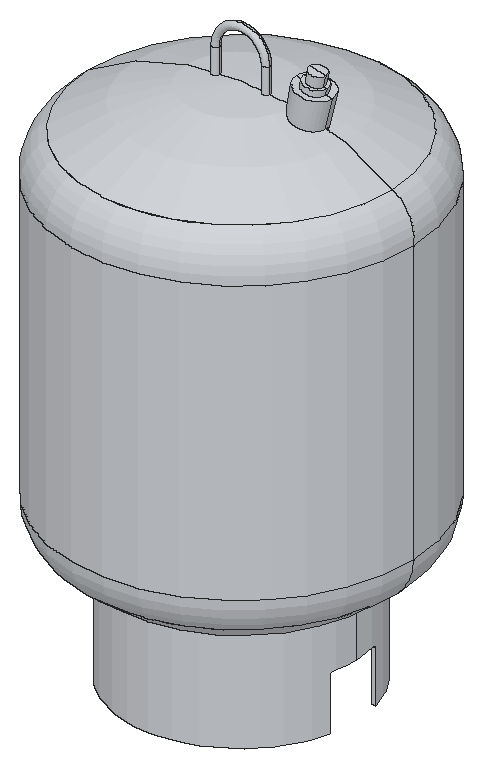
Revit family
Parameters (values of type "WX-200-CL 125# W.P.")
  Weight = "198 lbs"
  Tank Volume = "53 Gal"
  Tank Height/Length = 36.969"
  Tank Diameter = 24.000"
  Shell Length = 18.563"
  Pipe Connector Diameter = Pipe Connection Radius * 2  # 1.500"
  Pipe Connection Radius = 0.750"
  Model = "WX-200-CL"
  Maximum Acceptance Volume = "27 Gal"
  Max Operating Temp = "240 DEG F"
  Max Operating Pressure = "125 PSI"
  Manufacturer = "Amtrol"
  Lifting Ring Location = Shell Length / 2  # 9.2815"
  Floor to Elbow Centerline = 2.000"
  Floor to Bottom of Tank = 4.000"
  Bladder/Diaphragm = "Bladder"
  ASME = yes
Types (5): name | Weight | Tank Volume | Tank Height/Length | Shell Length | Pipe Connector Diameter | Pipe Connection Radius | Model | Maximum Acceptance Volume | Lifting Ring Location
  (no name) | "198 lbs" | "53 Gal" | 36.969" | 18.563" | 1.500" | 0.750" | "WX-200-CL" | "27 Gal" | 9.2815"
  WX-200-CL 125# W.P. | "198 lbs" | "53 Gal" | 36.969" | 18.563" | 1.500" | 0.750" | "WX-200-CL" | "27 Gal" | 9.2815"
  WX-300-CL 125# W.P. | "236 lbs" | "80 Gal" | 52.500" | 32.500" | 1.500" | 0.750" | "WX-300-CL" | "27 Gal" | 16.250"
  WX-400-CL 125# W.P. | "282 lbs" | "106 Gal" | 65.125" | 46.438" | 2.000" | 1.000" | "WX-400-CL" | "53 Gal" | 23.219"
  WX-500-CL 125# W.P. | "282 lbs" | "132 Gal" | 78.938" | 60.000" | 2.000" | 1.000" | "WX-500-CL" | "53 Gal" | 30.000"
Reference planes (in)
  plane 1 "Center (Front/Back)": y = 0
  plane 2: z = 0
  plane 3 "Center (Left/Right)": x = 0
Forms (in)
  Revolve 1, solid
    sketch origin (0, 0, 0) x (1, 0, 0) y (0, 0, 1)
      loop
        line (-8, 0) -> (-7.75, 0) -> (-7.75, 7.44707) -> (-8, 7.44707) -> (-8, 0)
      axis (0, 0) -> (0, 7.44707)
    angle from 0 to 360
  Revolve 2, solid
    sketch origin (0, 0, 0) x (1, 0, 0) y (0, 0, 1)
      loop
        line (0.6492, 3.3675) -> (0.6492, 4.19707) -> (0, 4.19707) -> (0, 3.3675) -> (0.6492, 3.3675)
      axis (0, 3.3675) -> (0, 4.19707)
    angle from 0 to 360
  Extrusion 3, void
    sketch origin (0, 0, 0) x (0, 1, 0) y (0, 0, 1)
      loop
        line (0, 3.82981) -> (-1.75, 3.82981)
        arc (-1.75, 3.82981) -> (-1.92678, 3.75658) -> (-2, 3.57981) r 0.25
        line (-2, 3.57981) -> (-2, -0.1984) -> (2, -0.1984) -> (2, 3.57981)
        arc (2, 3.57981) -> (1.92678, 3.75658) -> (1.75, 3.82981) r 0.25
        line (1.75, 3.82981) -> (0, 3.82981)
    from 3.88729 to 12
  Sweep 4, solid
    path origin (0, 0, 0) x (1, 0, 0) y (0, 0, 1)
      loop
        line (0, 3.5) -> (0, 3.198)
        arc (0, 3.198) -> (0.35089, 2.35089) -> (1.198, 2) r 1.198
        line (1.198, 2) -> (1.5, 2)
    profile origin (0, 0, 3.349) x (0, -1, 0) y (1, 0, 0)
      loop
        circle (0, 0) r 1
  Revolve 5, solid
    sketch origin (0, 0, 0) x (1, 0, 0) y (0, 0, 1)
      loop
        line (0, 2.813) -> (0.65074, 2.813) -> (0.65074, 4.313) -> (0, 4.313) -> (0, 2.813)
      axis (0, 2.813) -> (0, 4.313)
    angle from 0 to 360
  Revolve 6, solid
    sketch origin (0, 0, 0) x (1, 0, 0) y (0, 0, 1)
      loop
        line (5.96437, 38.55276) -> (5.7183, 38.59615) -> (5.89974, 39.32387) -> (5.33906, 39.46367) -> (4.53454, 35.86226) -> (5.73583, 35.65044) -> (6.34064, 38.07618) -> (5.89421, 38.1549) -> (5.96437, 38.55276)
      axis (4.53454, 35.86226) -> (5.33906, 39.46367)
    angle from 0 to 360
  Sweep 7, solid
    path origin (0.0517, 0, 0.58905) x (1, 0, 0) y (0, 0, 1)
      loop
        line (-1.8017, 36.25051) -> (-1.8017, 38.00051)
        arc (-1.8017, 38.00051) -> (-0.0517, 39.75051) -> (1.6983, 38.00051) r 1.75
        line (1.6983, 38.00051) -> (1.6983, 36.25051)
    profile origin (-1.75, 0, 37.71457) x (-1, 0, 0) y (0, -1, 0)
      loop
        circle (0, 0) r 0.25
  Revolve 8, solid
    sketch origin (0, 0, 0) x (1, 0, 0) y (0, 0, 1)
      loop
        arc (12, 30.95366) -> (11.68437, 32.63964) -> (10.55443, 33.93013) r 3.25
        arc (10.55443, 33.93013) -> (5.51015, 36.25858) -> (0, 36.969) r 18.33177
        line (0, 36.969) -> (0, 4) -> (4.98897, 4) -> (4.98897, 4.49999) -> (4.4445, 4.49999) -> (4.4445, 4.6875) -> (4.98897, 4.6875) -> (4.98897, 5.87292)
        arc (4.98897, 5.87292) -> (5.12168, 5.92789) -> (5.17665, 6.06061) r 0.18768
        arc (5.17665, 6.06061) -> (8.25561, 7.15646) -> (10.94007, 9.02046) r 12.36901
        arc (10.94007, 9.02046) -> (11.72323, 10.10933) -> (12, 11.42173) r 3.25
        line (12, 11.42173) -> (12, 30.95366)
      axis (0, 4) -> (0, 36.969)
    angle from 0 to 360
  Sweep 9, solid
    path origin (0, 0, 0) x (1, 0, 0) y (0, 0, 1)
      loop
        line (-11.99827, 23.42216) -> (-12.99827, 23.42216)
        arc (-12.99827, 23.42216) -> (-14.74827, 21.67216) -> (-12.99827, 19.92216) r 1.75
        line (-12.99827, 19.92216) -> (-11.99827, 19.92216)
    profile origin (-12.49827, 0, 23.42216) x (0, 0, -1) y (0, -1, 0)
      loop
        circle (0, 0) r 0.25
Cuts and joins
  Extrusion 3 cuts Revolve 1
  Extrusion 3 cuts Revolve 2
Dimensions and locks (in)
  "Floor to Elbow Centerline": Sweep 4 sketch curve to cut or joined group of Revolve 1, Extrusion 3
  "Floor to Bottom of Tank": Revolve 8 sketch curve to cut or joined group of Revolve 1, Extrusion 3
  "Tank Height/Length": Revolve 8 sketch curve to level
  Revolve 8 sketch curve to Revolve 8 sketch curve = 15.08177"
  Revolve 6 sketch curve to Revolve 8 = 4.69679"
  Revolve 6 sketch curve to Revolve 8 = 4.90861"
  Revolve 6 sketch curve to Revolve 6 sketch curve = 2.49391"
  Revolve 6 sketch curve to Revolve 6 sketch curve = 2.89791"
  Revolve 6 sketch curve to Revolve 6 sketch curve = 3.64608"
  locked: plane 3 "Center (Left/Right)" to Sweep 7 sketch curve at 1.75
  Sweep 7 sketch curve to Revolve 8 = 5.88591"  (x2)
  "Lifting Ring Location": Revolve 8 to Sweep 9 sketch curve
  radius of Revolve 8 sketch curve = 18.33177"
  radius of Revolve 8 sketch curve = 3.250"
  aligned and locked: import instance to plane 3 "Center (Left/Right)"
  aligned and locked: plane 1 "Center (Front/Back)" to import instance
Automatic sketch dimensions
  Revolve 2 sketch curve to plane 3 "Center (Left/Right)" = 0.000"  (x2)
  plane 3 "Center (Left/Right)" to Revolve 2 sketch curve = 0.6492"
  level to Revolve 2 sketch curve = 3.3675"
  Revolve 2 sketch curve to Revolve 2 sketch curve = 0.000"
  Revolve 2 sketch curve to Revolve 2 sketch curve = 0.82957"
  Revolve 2 sketch curve to Revolve 2 sketch curve = 1.25068"
  Sweep 4 sketch curve to plane 3 "Center (Left/Right)" = 0.000"
  Sweep 4 sketch curve to Sweep 4 sketch curve = 1.198"
  Sweep 4 sketch curve to Sweep 4 sketch curve = 0.302"  (x2)
  plane 1 "Center (Front/Back)" to Sweep 4 sketch curve = 0.000"
  Sweep 4 sketch curve to profile plane = 0.000"
  Revolve 5 sketch curve to plane 3 "Center (Left/Right)" = 0.000"  (x2)
  plane 3 "Center (Left/Right)" to Revolve 5 sketch curve = 0.65074"
  level to Revolve 5 sketch curve = 2.813"
  Revolve 5 sketch curve to Revolve 5 sketch curve = 0.000"
  Revolve 5 sketch curve to Revolve 5 sketch curve = 1.500"
  Revolve 5 sketch curve to Revolve 5 sketch curve = 0.500"
  plane 3 "Center (Left/Right)" to Sweep 7 sketch curve = 0.000"
  Sweep 7 sketch curve to Sweep 7 sketch curve = 1.750"
  plane 1 "Center (Front/Back)" to Sweep 7 sketch curve = 0.000"
  Sweep 7 sketch curve to profile plane = 0.000"
  Revolve 1 sketch curve to level = 0.000"  (x2)
  Revolve 1 sketch curve to plane 3 "Center (Left/Right)" = 0.000"
  Revolve 1 sketch curve to plane 3 "Center (Left/Right)" = 7.750"
  Revolve 1 sketch curve to Revolve 1 sketch curve = 0.250"
  level to Revolve 1 sketch curve = 7.44707"
  Revolve 1 sketch curve to Revolve 1 sketch curve = 1.05293"
  Revolve 8 sketch curve to plane 3 "Center (Left/Right)" = 0.000"  (x2)
  plane 3 "Center (Left/Right)" to Revolve 8 sketch curve = 0.43805"
  Revolve 8 sketch curve to Revolve 8 sketch curve = 2.16694"
  plane 3 "Center (Left/Right)" to Revolve 8 sketch curve = 4.4445"
  Revolve 8 sketch curve to Revolve 8 sketch curve = 0.54447"
  Revolve 8 sketch curve to Revolve 8 sketch curve = 0.000"  (x3)
  Revolve 8 sketch curve to Revolve 8 sketch curve = 0.18768"
  Revolve 8 sketch curve to Revolve 8 sketch curve = 3.57335"
  plane 3 "Center (Left/Right)" to Revolve 8 sketch curve = 8.76092"
  Revolve 8 sketch curve to Revolve 8 sketch curve = 2.19007"
  Revolve 8 sketch curve to Revolve 8 sketch curve = 1.05993"
  Revolve 8 sketch curve to Revolve 8 sketch curve = 0.49999"
  Revolve 8 sketch curve to Revolve 8 sketch curve = 0.18751"
  Revolve 8 sketch curve to Revolve 8 sketch curve = 1.18542"
  Revolve 8 sketch curve to Revolve 8 sketch curve = 8.031"
  plane 3 "Center (Left/Right)" to Revolve 6 sketch curve = 4.3845"
  Revolve 6 sketch curve to Revolve 6 sketch curve = 0.15003"
  Revolve 6 sketch curve to Revolve 6 sketch curve = 0.80453"
  Revolve 6 sketch curve to Revolve 6 sketch curve = 0.19071"
  Revolve 6 sketch curve to Revolve 6 sketch curve = 0.37924"
  Revolve 6 sketch curve to Revolve 6 sketch curve = 0.17591"
  Revolve 6 sketch curve to Revolve 6 sketch curve = 0.56068"
  Revolve 6 sketch curve to Revolve 6 sketch curve = 0.24607"
  Revolve 6 sketch curve to Revolve 6 sketch curve = 0.44642"
  Revolve 6 sketch curve to Revolve 6 sketch curve = 0.4598"
  Revolve 6 sketch curve to Revolve 6 sketch curve = 0.07872"
  Revolve 6 sketch curve to Revolve 6 sketch curve = 0.85371"
  Extrusion 3 sketch curve to plane 1 "Center (Front/Back)" = 0.000"
  plane 1 "Center (Front/Back)" to Extrusion 3 sketch curve = 1.750"
  Extrusion 3 sketch curve to Extrusion 3 sketch curve = 0.250"
  Extrusion 3 sketch curve to plane 1 "Center (Front/Back)" = 1.750"
  Extrusion 3 sketch curve to level = 0.1984"
  Extrusion 3 sketch curve to plane 1 "Center (Front/Back)" = 2.000"
  level to Extrusion 3 sketch curve = 3.57981"
  Sweep 9 sketch curve to plane 3 "Center (Left/Right)" = 12.99827"
  Sweep 9 sketch curve to Sweep 9 sketch curve = 1.000"  (x2)
  Sweep 9 sketch curve to Sweep 9 sketch curve = 1.750"
  Sweep 9 sketch curve to plane 1 "Center (Front/Back)" = 0.000"
  Sweep 9 sketch curve to profile plane = 0.000"
  radius of Sweep 4 sketch curve = 1.000"
  radius of Sweep 7 sketch curve = 0.250"
  radius of Sweep 9 sketch curve = 0.250"
Connectors (in)
  piping at (1.5, 0, 2), driven by "Pipe Connection Radius"
    settings: on Sweep 4, index 1
